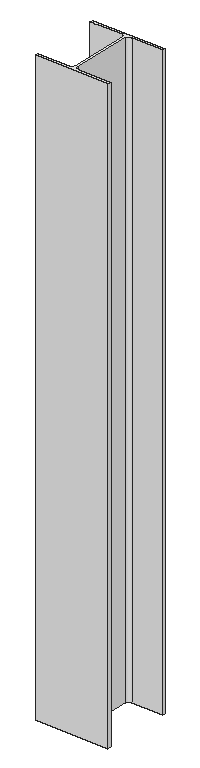
Revit family "UBP-Universal Bearing Pile-Column", category 구조 기둥, Revit 2026
Family settings
  단면 모양 = 정의되지 않음
  모델 동작 재료 = 스틸
  항상 형상으로 내보내기 = 아니오
  평면의 보 전환 = 경계 상자에서
  로드될 때 보이드를 사용하여 절단 = 아니오
  기호 표현 = 프로젝트 설정에서
  공유 = 아니오
  평면도에서 미리 절단된 패밀리 표시 = 예
Parameters (values of type "305x305x79UBP")
  Assembly Code = ""
  Structural Material [instance] = Metal - Steel - 345 MPa
  A = 0.01 m²
  Ix = 16440
  M = 78.9
  Nominal h = "305"
  Zx = 1099
  b = 306.4 mm
  h = 299.3 mm
  r = 15.2 mm
  s = 11 mm
  t = 11.1 mm
Reference planes
  plane 1: y = 0
  plane 2: z = 0
  plane 3: x = 0
  plane 4: x = -153.2
  plane 5: x = 153.2
  plane 6: y = 149.65
  plane 7: y = -149.65
  plane 8: x = -3.969
  plane 9: x = 3.969
Forms (mm)
  Extrusion 1, solid, material "Metal - Steel - 345 MPa" <- "Structural Material", detail levels medium
    sketch origin (0, 0, 0) x (1, 0, 0) y (0, 1, 0)
      loop
        line (-153.2, 149.65) -> (-153.2, 138.55) -> (-5.5, 138.55) -> (-5.5, -138.55) -> (-153.2, -138.55) -> (-153.2, -149.65) -> (153.2, -149.65) -> (153.2, -138.55) -> (5.5, -138.55) -> (5.5, 138.55) -> (153.2, 138.55) -> (153.2, 149.65) -> (-153.2, 149.65)
    from 0 to 2500
  Extrusion 2, solid, material "Metal - Steel - 345 MPa" <- "Structural Material", detail levels fine
    sketch origin (0, 0, 0) x (1, 0, 0) y (0, 1, 0)
      loop
        line (-153.2, 149.65) -> (-153.2, 138.55) -> (-20.7, 138.55)
        arc (-20.7, 138.55) -> (-9.952, 134.098) -> (-5.5, 123.35) r 15.2
        line (-5.5, 123.35) -> (-5.5, -123.35)
        arc (-5.5, -123.35) -> (-9.952, -134.098) -> (-20.7, -138.55) r 15.2
        line (-20.7, -138.55) -> (-153.2, -138.55) -> (-153.2, -149.65) -> (153.2, -149.65) -> (153.2, -138.55) -> (20.7, -138.55)
        arc (20.7, -138.55) -> (9.952, -134.098) -> (5.5, -123.35) r 15.2
        line (5.5, -123.35) -> (5.5, 123.35)
        arc (5.5, 123.35) -> (9.952, 134.098) -> (20.7, 138.55) r 15.2
        line (20.7, 138.55) -> (153.2, 138.55) -> (153.2, 149.65) -> (-153.2, 149.65)
    from 0 to 2500
Lines and regions (mm)
  symbolic lines, style "StructuralColumnStickSymbols", detail levels coarse
    curve 1: line (-153.2, 149.65, 0) -> (153.2, 149.65, 0)
    curve 2: line (-153.2, -149.65, 0) -> (153.2, -149.65, 0)
    curve 3: line (0, 149.65, 0) -> (0, -149.65, 0)
  symbolic lines, style "Hidden Faces", detail levels medium+fine
    curve 4: line (-3.969, 0, 0) -> (-3.969, 0, 2500)
    curve 5: line (3.969, 0, 2500) -> (3.969, 0, 0)
Dimensions and locks
  equal spacing: plane 4, plane 3, plane 5
  equal spacing: plane 7, plane 1, plane 6
  "h": plane 7 to plane 6
  "b": plane 4 to plane 5
  "t": plane 7 to Extrusion 1 sketch curve
  "t": Extrusion 1 sketch curve to plane 6
  equal spacing: Extrusion 1 sketch curve, plane 3, Extrusion 1 sketch curve
  "s": Extrusion 1 sketch curve to Extrusion 1 sketch curve
  "r": radius of Extrusion 2 sketch curve  (x4)
  aligned and locked: plane 6 to Extrusion 1 sketch curve
  aligned and locked: Extrusion 1 sketch curve to plane 7
  aligned and locked: Extrusion 1 sketch curve to plane 4  (x2)
  aligned and locked: plane 5 to Extrusion 1 sketch curve  (x2)
  aligned and locked: Extrusion 1 sketch curve to Extrusion 1 sketch curve  (x2)
  aligned and locked: level to Extrusion 1
  aligned and locked: level to plane 2
  aligned and locked: Extrusion 1 to plane 2
  aligned and locked: plane 6 to Extrusion 2 sketch curve
  aligned and locked: plane 5 to Extrusion 2 sketch curve  (x2)
  aligned and locked: Extrusion 2 sketch curve to plane 4  (x2)
  aligned and locked: Extrusion 2 sketch curve to Extrusion 1  (x6)
  aligned and locked: Extrusion 2 sketch curve to plane 7
  aligned and locked: level to Extrusion 2
  aligned and locked: Extrusion 2 to level
Automatic sketch dimensions
  curve 2 to plane 4 = 0 mm
  curve 1 to plane 4 = 0 mm
  curve 3 to plane 3 = 0 mm
  curve 2 to plane 5 = 0 mm
  curve 1 to plane 5 = 0 mm
  curve 3 to plane 7 = 0 mm
  curve 3 to plane 6 = 0 mm
  curve 4 to level = 0 mm  (x2)
  curve 4 to plane 8 = 0 mm
  curve 5 to level = 0 mm  (x2)
  curve 5 to plane 9 = 0 mm
